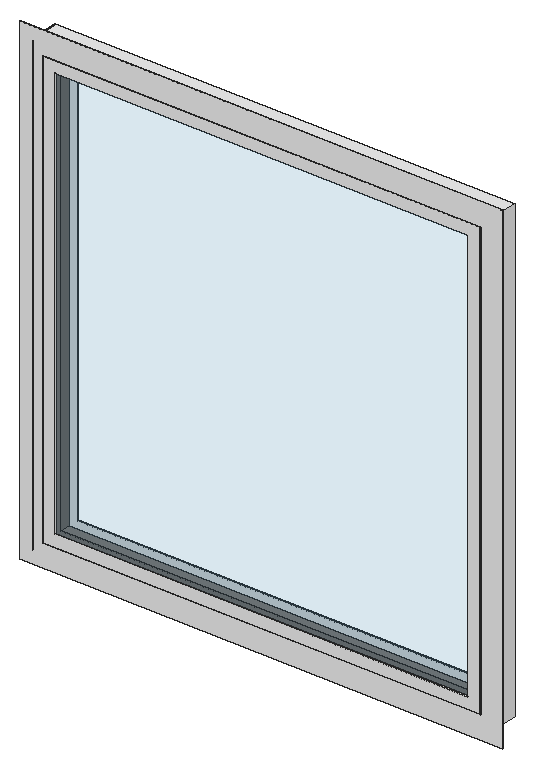
Revit family "Casement_28_H_Top_Hung_Standard", category Windows, host Wall, Revit 2014
Parameters (values of type "Casement_Sash_DG")
  Width Sash [instance] = 30 mm
  Width Sash Inner = 15 mm
  Width Bead = 15 mm
  Top Hung [instance] = yes
  Side Hung Right [instance] = yes
  Side Hung Left [instance] = yes
  Sash Opening Width [instance] = 600 mm
  Sash Opening Height [instance] = 600.312 mm
  Sash Lip = 15 mm
  Glazing Material [instance] = Glass
  DG Start Piece 2 [instance] = DG End Piece 1 + DG Gasket Thickness  # 25 mm
  DG Start Peice 1 [instance] = (Depth Sash - (2 * DG Glazing Thickness) - DG Gasket Thickness) / 2  # 6.6 mm
  Glazing Offset = 5 mm
  DG Glazing Thickness [instance] = 6.4 mm
  DG Gasket Thickness = 12 mm  # constant formula
  DG Gasket Material [instance] = Double Glazing Gasket Material
  DG End Piece 2 [instance] = DG Start Piece 2 + DG Glazing Thickness  # 31.4 mm
  DG End Piece 1 [instance] = DG Start Peice 1 + DG Glazing Thickness  # 13 mm
  Depth Sash [instance] = 38 mm
  Center Vertical Sash [instance] = Sash Opening Height / 2  # 300.156 mm
  Center Horizontal Sash [instance] = Sash Opening Width / 2  # 300 mm
  Bottom Hung [instance] = yes
  Bead Offset = 15 mm
  Aluminium Thickness = 1 mm
  Aluminium Material [instance] = White Powder Coated Aluminium
Reference planes
  plane 1 "Center (Front/Back)": y = 0
  plane 2: z = 0
  plane 3 "Center (Left/Right)": x = 0
Forms (mm)
  Sweep 1, solid, material "White Powder Coated Aluminium" <- "Aluminium Material"
    path origin (16.177, 0, 121.331) x (1, 0, 0) y (0, 0, 1)
      loop
        line (0, 0) -> (600, 0) -> (600, 600.312) -> (0, 600.312) -> (0, 0)
    profile origin (316.177, 0, 121.331) x (0, 0, 1) y (0, -1, 0)
      loop
        line (0, 0) -> (30, 0) -> (30, 1) -> (15, 1) -> (15, 38) -> (-15, 38) -> (-15, 37) -> (0, 37) -> (0, 0)
      loop
        line (14, 1) -> (14, 37) -> (1, 37) -> (1, 1) -> (14, 1)
  Sweep 2, solid, material "White Powder Coated Aluminium" <- "Aluminium Material"
    path origin (0, 0, 0) x (1, 0, 0) y (0, 0, 1)
      loop
        line (31.177, 706.643) -> (31.177, 136.331) -> (601.177, 136.331) -> (601.177, 706.643) -> (31.177, 706.643)
    profile origin (316.177, 0, 706.643) x (0, 0, 1) y (0, -1, 0)
      loop
        line (0, 37) -> (0, 38) -> (-15, 38) -> (-15, 37) -> (0, 37)
  Extrusion 3, solid, material "Glass" <- "Glazing Material"
    sketch origin (0, 0, 0) x (1, 0, 0) y (0, 0, 1)
      loop
        line (36.177, 701.643) -> (36.177, 141.331) -> (596.177, 141.331) -> (596.177, 701.643) -> (36.177, 701.643)
    from 6.6 <- "DG Start Peice 1" to 13 <- "DG End Piece 1"
  Extrusion 4, solid, material "Glass" <- "Glazing Material"
    sketch origin (0, 0, 0) x (1, 0, 0) y (0, 0, 1)
      loop
        line (36.177, 701.643) -> (36.177, 141.331) -> (596.177, 141.331) -> (596.177, 701.643) -> (36.177, 701.643)
    from 31.4 <- "DG End Piece 2" to 25 <- "DG Start Piece 2"
  Sweep 5, solid, material "Double Glazing Gasket Material" <- "DG Gasket Material"
    path origin (0, -13, 0) x (1, 0, 0) y (0, 0, 1)
      loop
        line (36.177, 701.643) -> (36.177, 141.331) -> (596.177, 141.331) -> (596.177, 701.643) -> (36.177, 701.643)
    profile origin (316.177, -13, 701.643) x (0, 0, 1) y (0, -1, 0)
      loop
        line (0, 0) -> (0, 12) -> (-7.96, 12) -> (-7.96, 0) -> (0, 0)
Lines and regions (mm)
  model lines
    curve 1: line (1.177, -38, 736.643) -> (31.177, -38, 706.643)
    curve 2: line (601.177, -38, 706.643) -> (631.177, -38, 736.643)
    curve 3: line (601.177, -38, 136.331) -> (631.177, -38, 106.331)
    curve 4: line (1.177, -38, 106.331) -> (31.177, -38, 136.331)
    curve 5: line (631.177, -37, 736.643) -> (616.177, -37, 721.643)
    curve 6: line (1.177, -37, 736.643) -> (16.177, -37, 721.643)
    curve 7: line (1.177, -37, 106.331) -> (16.177, -37, 121.331)
    curve 8: line (631.177, -37, 106.331) -> (616.177, -37, 121.331)
    curve 9: line (616.177, 0, 121.331) -> (586.177, 0, 151.331)
    curve 10: line (46.177, 0, 151.331) -> (16.177, 0, 121.331)
    curve 11: line (616.177, 0, 721.643) -> (586.177, 0, 691.643)
    curve 12: line (46.177, 0, 691.643) -> (16.177, 0, 721.643)
    curve 13: line (31.177, -38, 691.643) -> (46.177, -38, 691.643)
    curve 14: line (586.177, -38, 691.643) -> (601.177, -38, 691.643)
    curve 15: line (586.177, -38, 151.331) -> (601.177, -38, 151.331)
    curve 16: line (31.177, -38, 151.331) -> (46.177, -38, 151.331)
  model lines, style "GenericModelHiddenLines", visible <- "Top Hung"
    curve 17: line (46.386, -31.4, 690.914) -> (316.177, -31.4, 151.331)
    curve 18: line (316.177, -31.4, 151.331) -> (586.177, -31.4, 691.331)
  model lines, style "GenericModelHiddenLines", visible <- "Bottom Hung"
    curve 19: line (46.177, -31.4, 151.331) -> (316.177, -31.4, 691.331)
    curve 20: line (316.177, -31.4, 691.331) -> (586.177, -31.4, 151.331)
  model lines, style "GenericModelHiddenLines", visible <- "Side Hung Left"
    curve 21: line (46.386, -31.4, 690.914) -> (585.24, -31.4, 421.487)
    curve 22: line (585.24, -31.4, 421.487) -> (46.177, -31.4, 151.331)
  model lines, style "GenericModelHiddenLines", visible <- "Side Hung Right"
    curve 23: line (586.177, -31.4, 691.331) -> (46.177, -31.4, 421.487)
    curve 24: line (46.177, -31.4, 421.487) -> (586.177, -31.4, 151.331)
Dimensions and locks
  "Aluminium Thickness": Sweep 1 sketch curve to Sweep 1 sketch curve  (x4)
  "Depth Sash": Sweep 1 sketch curve to Sweep 1 sketch curve
  "Sash Opening Width": Sweep 1 to Sweep 1
  "Sash Opening Height": Sweep 1 to Sweep 1
  "Width Sash": Sweep 1 sketch curve to Sweep 1 sketch curve  (x2)
  "Width Sash Inner": Sweep 1 sketch curve to Sweep 1 sketch curve
  "Sash Lip": Sweep 1 sketch curve to Sweep 1 sketch curve
  "Aluminium Thickness": Sweep 1 to Sweep 2 sketch curve
  "Glazing Offset": Sweep 2 to Extrusion 3 sketch curve  (x3)
  "Glazing Offset": Extrusion 3 sketch curve to Sweep 2
  Sweep 1 to Sweep 1 = 1 mm
  "Aluminium Thickness": Sweep 2 sketch curve to Sweep 2 sketch curve
  "Width Bead": Sweep 2 sketch curve to Sweep 2 sketch curve
  locked: Sweep 5 sketch curve to Sweep 5 sketch curve at 7.96
  "Center Horizontal Sash": Sweep 1 to curve 18
  "Center Horizontal Sash": Sweep 1 to curve 20
  "Center Vertical Sash": Sweep 1 to curve 22
  "Center Vertical Sash": Sweep 1 to curve 24
  aligned and locked: level to plane 2
  aligned and locked: Sweep 1 sketch curve to Sweep 1 sketch curve  (x2)
  aligned and locked: Sweep 2 sketch curve to Sweep 1  (x5)
  aligned and locked: Extrusion 4 sketch curve to Extrusion 3  (x4)
  aligned and locked: Sweep 5 sketch curve to Extrusion 3  (x5)
  aligned and locked: Extrusion 3 to Sweep 5 sketch curve
Automatic sketch dimensions
  plane 3 "Center (Left/Right)" to Sweep 1 sketch curve = 16.177 mm
  level to Sweep 1 sketch curve = 121.331 mm
  plane 3 "Center (Left/Right)" to Sweep 1 sketch curve = 616.177 mm
  level to Sweep 1 sketch curve = 721.643 mm
  profile plane to Sweep 5 sketch curve = 12 mm
  curve 7 to Sweep 1 = 0 mm  (x4)
  curve 6 to Sweep 1 = 0 mm  (x3)
  Sweep 1 to curve 6 = 0 mm
  curve 5 to Sweep 1 = 0 mm  (x3)
  curve 8 to Sweep 1 = 0 mm  (x4)
  Sweep 1 to curve 5 = 0 mm
  curve 16 to Sweep 2 = 0 mm  (x3)
  curve 13 to Sweep 2 = 0 mm  (x3)
  curve 15 to Sweep 2 = 0 mm
  Sweep 2 to curve 15 = 0 mm  (x2)
  curve 14 to Sweep 2 = 0 mm  (x2)
  Sweep 2 to curve 14 = 0 mm
  curve 1 to Sweep 1 = 0 mm  (x4)
  curve 4 to Sweep 1 = 0 mm  (x3)
  Sweep 1 to curve 4 = 0 mm
  curve 3 to Sweep 1 = 0 mm  (x3)
  curve 2 to Sweep 1 = 0 mm  (x4)
  Sweep 1 to curve 3 = 0 mm
  curve 10 to Sweep 1 = 0 mm  (x4)
  curve 12 to Sweep 1 = 0 mm  (x3)
  Sweep 1 to curve 12 = 0 mm
  curve 9 to Sweep 1 = 0 mm  (x4)
  curve 11 to Sweep 1 = 0 mm  (x3)
  Sweep 1 to curve 11 = 0 mm
  Sweep 1 sketch curve to plane 1 "Center (Front/Back)" = 0 mm
  profile plane to Sweep 1 sketch curve = 0 mm
  curve 21 to Extrusion 4 = 10.208 mm
  curve 19 to Extrusion 4 = 10 mm
  curve 23 to Extrusion 4 = 10 mm  (x2)
  curve 22 to Extrusion 4 = 10.937 mm
  curve 20 to Extrusion 4 = 10 mm
  curve 24 to Extrusion 4 = 10 mm
  curve 22 to Extrusion 4 = 10 mm
  curve 18 to Extrusion 4 = 10 mm
  curve 21 to Extrusion 4 = 10.729 mm
  curve 19 to Extrusion 4 = 10.312 mm
  curve 18 to Extrusion 4 = 10.312 mm
Types in the file's own list only (12): name | Windload Design | Width Sash Opening | Width Sash 2 | Width Sash 1 | Width Profile | Width Panel 3 | Width Panel 2 | Width Panel 1 | Width | URL | Max Pane Area | Intruderprufe U Value | Intruderprufe SHGC Value | Intruderprufe LowE U Value | Intruderprufe LowE SHGC Value | Height | Energy Advantage U Value | Energy Advantage SHGC Value | Custom Window Width | Custom Window Height | Custom Windload | Sash Width | Custom Sash Bottom Height | Custom Sash Top Height | Single Glazing | Sash Spacing Inner | Sash Overlap | Sash Center Offset | SG Gasket Thickness | Offset Window Exterior | Offset Sash Left | Offset Sash 2 Top | Offset Sash 1 Top | Offset Panel 4 Left | Offset Panel 3 Bead Top | Offset Mullion Left | Offset Transom 2 Top | Offset Transom 1 Top | Offset Bead SG Center Reversed | Model | Manufacturer | Limit Window Width Min | Limit Window Width Max | Limit Window Height Min | Limit Window Height Max | Limit Sash Width Min | Limit Sash Width Max | Limit Sash Height Min | Limit Sash Height Max | Limit Fixed Pane Height Min | Limit Fixed Pane Height Max | Length Transom | Height Sash 2 Opening | Height Sash 2 | Height Sash 1 Opening | Height Sash 1 | Height Panel 3 | Height Panel 2 | Height Panel 1 | Description | Frame Center Offset | Depth Bead | Default Sill Height | Wall Closure | Window Exterior Offset | Clearvue U Value | Clearvue SHGC Value | Casement Dimension | Bottom Hung | Bead SG Gap | Area Pane Top | Area Pane Middle | Area Pane Bottom
  28-0615DT-1000Pa | 1000 mm | 544 mm | 514 mm | 514 mm | 30 mm | 530 mm | 530 mm | 530 mm | 590 mm | "http://www.crealco.co.za/crealco-products.php" | 0.23 m² | 6.22 | 0.533 | 4.84 | 0.454 | 1490 mm | 4.91 | 0.491 | 590 mm | 1490 mm | 1000 mm | 544 mm | 554 mm | 554 mm | Yes | 8 mm | 7 mm | 11 mm | 6 mm | 14 mm | 23 mm | 593 mm | 23 mm | 589 mm | 1170 mm | 559 mm | 1140 mm | 570 mm | 14 mm | "Casement 28" | "Crealco" | 346 mm | 946 mm | 1400 mm | 3000 mm | 300 mm | 900 mm | 300 mm | 600 mm | 200 mm | 1800 mm | 530 mm | 554 mm | 524 mm | 554 mm | 524 mm | 290 mm | 540 mm | 540 mm | "Window 28mm, Type H top hung" | 14 mm | 14 mm | 800 mm | By host | 0 mm | 6.2 | 0.537 | 28 mm | No | 13 mm | 0.23 m² | 0.23 m² | 0.15 m²
  28-0915DT-1000Pa | 1000 mm | 844 mm | 814 mm | 814 mm | 30 mm | 830 mm | 830 mm | 830 mm | 890 mm |  | 0.37 m² | 6.19 | 0.582 | 4.67 | 0.493 | 1490 mm | 4.73 | 0.535 | 890 mm | 1490 mm | 1000 mm | 844 mm | 554 mm | 554 mm | Yes | 8 mm | 7 mm | 11 mm | 6 mm | 14 mm | 23 mm | 593 mm | 23 mm | 889 mm | 1170 mm | 859 mm | 1140 mm | 570 mm | 14 mm | "Casement 28" | "Crealco" | 346 mm | 946 mm | 1400 mm | 3000 mm | 300 mm | 900 mm | 300 mm | 600 mm | 200 mm | 1800 mm | 830 mm | 554 mm | 524 mm | 554 mm | 524 mm | 290 mm | 540 mm | 540 mm | "Window 28mm, Type H top hung" | 14 mm | 14 mm | 800 mm | By host | 0 mm | 6.16 | 0.586 | 28 mm | No | 13 mm | 0.37 m² | 0.37 m² | 0.23 m²
  28-0618DT-1000Pa | 1000 mm | 544 mm | 514 mm | 514 mm | 30 mm | 530 mm | 530 mm | 530 mm | 590 mm | "http://www.crealco.co.za/crealco-products.php" | 0.30 m² | 6.16 | 0.558 | 4.72 | 0.479 | 1790 mm | 4.79 | 0.517 | 590 mm | 1790 mm | 1000 mm | 544 mm | 554 mm | 554 mm | Yes | 8 mm | 7 mm | 11 mm | 6 mm | 14 mm | 23 mm | 593 mm | 23 mm | 589 mm | 1170 mm | 559 mm | 1140 mm | 570 mm | 14 mm | "Casement 28" | "Crealco" | 346 mm | 946 mm | 1400 mm | 3000 mm | 300 mm | 900 mm | 300 mm | 600 mm | 200 mm | 1800 mm | 530 mm | 554 mm | 524 mm | 554 mm | 524 mm | 590 mm | 540 mm | 540 mm | "Window 28mm, Type H top hung" | 14 mm | 14 mm | 800 mm | By host | 0 mm | 6.16 | 0.568 | 28 mm | No | 13 mm | 0.23 m² | 0.23 m² | 0.30 m²
  28-0918DT-1000Pa | 1000 mm | 844 mm | 814 mm | 814 mm | 30 mm | 830 mm | 830 mm | 830 mm | 890 mm | "http://www.crealco.co.za/crealco-products.php" | 0.48 m² | 6.13 | 0.606 | 4.54 | 0.517 | 1790 mm | 4.61 | 0.56 | 890 mm | 1790 mm | 1000 mm | 844 mm | 554 mm | 554 mm | Yes | 8 mm | 7 mm | 11 mm | 6 mm | 14 mm | 23 mm | 593 mm | 23 mm | 889 mm | 1170 mm | 859 mm | 1140 mm | 570 mm | 14 mm | "Casement 28" | "Crealco" | 346 mm | 946 mm | 1400 mm | 3000 mm | 300 mm | 900 mm | 300 mm | 600 mm | 200 mm | 1800 mm | 830 mm | 554 mm | 524 mm | 554 mm | 524 mm | 590 mm | 540 mm | 540 mm | "Window 28mm, Type H top hung" | 14 mm | 14 mm | 800 mm | By host | 0 mm | 6.12 | 0.616 | 28 mm | No | 13 mm | 0.37 m² | 0.37 m² | 0.48 m²
  28-0615DT-1500Pa | 1500 mm | 544 mm | 514 mm | 514 mm | 30 mm | 530 mm | 530 mm | 530 mm | 590 mm | "http://www.crealco.co.za/crealco-products.php" | 0.23 m² | 6.22 | 0.533 | 4.84 | 0.454 | 1490 mm | 4.91 | 0.491 | 590 mm | 1490 mm | 1500 mm | 544 mm | 554 mm | 554 mm | Yes | 8 mm | 7 mm | 11 mm | 6 mm | 14 mm | 23 mm | 593 mm | 23 mm | 589 mm | 1170 mm | 559 mm | 1140 mm | 570 mm | 14 mm | "Casement 28" | "Crealco" | 346 mm | 946 mm | 1400 mm | 3000 mm | 300 mm | 900 mm | 300 mm | 600 mm | 200 mm | 1800 mm | 530 mm | 554 mm | 524 mm | 554 mm | 524 mm | 290 mm | 540 mm | 540 mm | "Window 28mm, Type H top hung" | 14 mm | 14 mm | 800 mm | By host | 0 mm | 6.2 | 0.537 | 28 mm | No | 13 mm | 0.23 m² | 0.23 m² | 0.15 m²
  28-0615DT-2000Pa | 2000 mm | 544 mm | 514 mm | 514 mm | 30 mm | 530 mm | 530 mm | 530 mm | 590 mm | "http://www.crealco.co.za/crealco-products.php" | 0.23 m² | 6.22 | 0.533 | 4.84 | 0.454 | 1490 mm | 4.91 | 0.491 | 590 mm | 1490 mm | 2000 mm | 544 mm | 554 mm | 554 mm | Yes | 8 mm | 7 mm | 11 mm | 6 mm | 14 mm | 23 mm | 593 mm | 23 mm | 589 mm | 1170 mm | 559 mm | 1140 mm | 570 mm | 14 mm | "Casement 28" | "Crealco" | 346 mm | 946 mm | 1400 mm | 3000 mm | 300 mm | 900 mm | 300 mm | 600 mm | 200 mm | 1800 mm | 530 mm | 554 mm | 524 mm | 554 mm | 524 mm | 290 mm | 540 mm | 540 mm | "Window 28mm, Type H top hung" | 14 mm | 14 mm | 800 mm | By host | 0 mm | 6.2 | 0.537 | 28 mm | No | 13 mm | 0.23 m² | 0.23 m² | 0.15 m²
  28-0618DT-1500Pa | 1500 mm | 544 mm | 514 mm | 514 mm | 30 mm | 530 mm | 530 mm | 530 mm | 590 mm | "http://www.crealco.co.za/crealco-products.php" | 0.30 m² | 6.16 | 0.558 | 4.72 | 0.479 | 1790 mm | 4.79 | 0.517 | 590 mm | 1790 mm | 1500 mm | 544 mm | 554 mm | 554 mm | Yes | 8 mm | 7 mm | 11 mm | 6 mm | 14 mm | 23 mm | 593 mm | 23 mm | 589 mm | 1170 mm | 559 mm | 1140 mm | 570 mm | 14 mm | "Casement 28" | "Crealco" | 346 mm | 946 mm | 1400 mm | 3000 mm | 300 mm | 900 mm | 300 mm | 600 mm | 200 mm | 1800 mm | 530 mm | 554 mm | 524 mm | 554 mm | 524 mm | 590 mm | 540 mm | 540 mm | "Window 28mm, Type H top hung" | 14 mm | 14 mm | 800 mm | By host | 0 mm | 6.16 | 0.568 | 28 mm | No | 13 mm | 0.23 m² | 0.23 m² | 0.30 m²
  28-0618DT-2000Pa | 2000 mm | 544 mm | 514 mm | 514 mm | 30 mm | 530 mm | 530 mm | 530 mm | 590 mm | "http://www.crealco.co.za/crealco-products.php" | 0.30 m² | 6.16 | 0.558 | 4.72 | 0.479 | 1790 mm | 4.79 | 0.517 | 590 mm | 1790 mm | 2000 mm | 544 mm | 554 mm | 554 mm | Yes | 8 mm | 7 mm | 11 mm | 6 mm | 14 mm | 23 mm | 593 mm | 23 mm | 589 mm | 1170 mm | 559 mm | 1140 mm | 570 mm | 14 mm | "Casement 28" | "Crealco" | 346 mm | 946 mm | 1400 mm | 3000 mm | 300 mm | 900 mm | 300 mm | 600 mm | 200 mm | 1800 mm | 530 mm | 554 mm | 524 mm | 554 mm | 524 mm | 590 mm | 540 mm | 540 mm | "Window 28mm, Type H top hung" | 14 mm | 14 mm | 800 mm | By host | 0 mm | 6.16 | 0.568 | 28 mm | No | 13 mm | 0.23 m² | 0.23 m² | 0.30 m²
  28-0915DT-1500Pa | 1500 mm | 844 mm | 814 mm | 814 mm | 30 mm | 830 mm | 830 mm | 830 mm | 890 mm | "http://www.crealco.co.za/crealco-products.php" | 0.37 m² | 6.19 | 0.582 | 4.67 | 0.493 | 1490 mm | 4.73 | 0.535 | 890 mm | 1490 mm | 1500 mm | 844 mm | 554 mm | 554 mm | Yes | 8 mm | 7 mm | 11 mm | 6 mm | 14 mm | 23 mm | 593 mm | 23 mm | 889 mm | 1170 mm | 859 mm | 1140 mm | 570 mm | 14 mm | "Casement 28" | "Crealco" | 346 mm | 946 mm | 1400 mm | 3000 mm | 300 mm | 900 mm | 300 mm | 600 mm | 200 mm | 1800 mm | 830 mm | 554 mm | 524 mm | 554 mm | 524 mm | 290 mm | 540 mm | 540 mm | "Window 28mm, Type H top hung" | 14 mm | 14 mm | 800 mm | By host | 0 mm | 6.16 | 0.586 | 28 mm | No | 13 mm | 0.37 m² | 0.37 m² | 0.23 m²
  28-0915DT-2000Pa | 2000 mm | 844 mm | 814 mm | 814 mm | 30 mm | 830 mm | 830 mm | 830 mm | 890 mm | "http://www.crealco.co.za/crealco-products.php" | 0.37 m² | 6.19 | 0.582 | 4.67 | 0.493 | 1490 mm | 4.73 | 0.535 | 890 mm | 1490 mm | 2000 mm | 844 mm | 554 mm | 554 mm | Yes | 8 mm | 7 mm | 11 mm | 6 mm | 14 mm | 23 mm | 593 mm | 23 mm | 889 mm | 1170 mm | 859 mm | 1140 mm | 570 mm | 14 mm | "Casement 28" | "Crealco" | 346 mm | 946 mm | 1400 mm | 3000 mm | 300 mm | 900 mm | 300 mm | 600 mm | 200 mm | 1800 mm | 830 mm | 554 mm | 524 mm | 554 mm | 524 mm | 290 mm | 540 mm | 540 mm | "Window 28mm, Type H top hung" | 14 mm | 14 mm | 800 mm | By host | 0 mm | 6.16 | 0.586 | 28 mm | No | 13 mm | 0.37 m² | 0.37 m² | 0.23 m²
  28-0918DT-1500Pa | 1500 mm | 844 mm | 814 mm | 814 mm | 30 mm | 830 mm | 830 mm | 830 mm | 890 mm | "http://www.crealco.co.za/crealco-products.php" | 0.48 m² | 6.13 | 0.606 | 4.54 | 0.517 | 1790 mm | 4.61 | 0.56 | 890 mm | 1790 mm | 1500 mm | 844 mm | 554 mm | 554 mm | Yes | 8 mm | 7 mm | 11 mm | 6 mm | 14 mm | 23 mm | 593 mm | 23 mm | 889 mm | 1170 mm | 859 mm | 1140 mm | 570 mm | 14 mm | "Casement 28" | "Crealco" | 346 mm | 946 mm | 1400 mm | 3000 mm | 300 mm | 900 mm | 300 mm | 600 mm | 200 mm | 1800 mm | 830 mm | 554 mm | 524 mm | 554 mm | 524 mm | 590 mm | 540 mm | 540 mm | "Window 28mm, Type H top hung" | 14 mm | 14 mm | 800 mm | By host | 0 mm | 6.12 | 0.616 | 28 mm | No | 13 mm | 0.37 m² | 0.37 m² | 0.48 m²
  28-0918DT-2000Pa | 2000 mm | 844 mm | 814 mm | 814 mm | 30 mm | 830 mm | 830 mm | 830 mm | 890 mm | "http://www.crealco.co.za/crealco-products.php" | 0.48 m² | 6.13 | 0.606 | 4.54 | 0.517 | 1790 mm | 4.61 | 0.56 | 890 mm | 1790 mm | 2000 mm | 844 mm | 554 mm | 554 mm | Yes | 8 mm | 7 mm | 11 mm | 6 mm | 14 mm | 23 mm | 593 mm | 23 mm | 889 mm | 1170 mm | 859 mm | 1140 mm | 570 mm | 14 mm | "Casement 28" | "Crealco" | 346 mm | 946 mm | 1400 mm | 3000 mm | 300 mm | 900 mm | 300 mm | 600 mm | 200 mm | 1800 mm | 830 mm | 554 mm | 524 mm | 554 mm | 524 mm | 590 mm | 540 mm | 540 mm | "Window 28mm, Type H top hung" | 14 mm | 14 mm | 800 mm | By host | 0 mm | 6.12 | 0.616 | 28 mm | No | 13 mm | 0.37 m² | 0.37 m² | 0.48 m²
